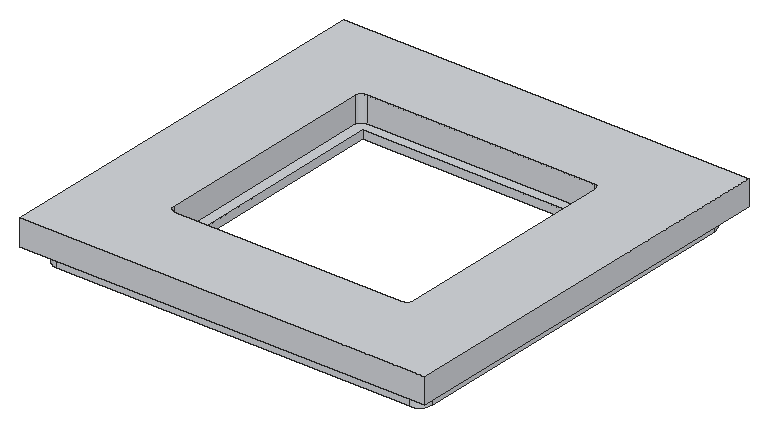
Revit family "Gira_0211126", category Electrical Fixtures, host Face, Revit 2017
Family settings
  Host = Face
  Maintain Annotation Orientation = No
  Round Connector Dimension = Use Diameter
  Part Type = Normal
  Cut with Voids When Loaded = No
  Shared = No
  Room Calculation Point = No
Parameters (values of type "Abdeckrahmen 1f Gira Esprit Alum.Schwarz")
  Werkstoffgüte = "aluminium"
  Werkstoff = "Metall"
  URL = "http://katalog.gira.de/de_DE/datenblatt.html?artikelnr=0211126"
  Transparent = "No"
  Textfeld/Beschriftungsfläche = "No"
  Schutzart (IP) = "IP20"
  Region = "DE"
  Oberfläche = "sonstige"
  Name = "Abdeckrahmen 1f Gira Esprit Alum.Schwarz"
  Montagerichtung = "horizontal und vertikal"
  Mit Montagerahmen = "No"
  Mit Klappdeckel = "No"
  Manufacturer URL = "https://www.gira.de/"
  Keynote = "Espr._Rahmen_1fach"
  HeinzeBIM = "https://bimportal.heinze.de/bim/abdeckrahmen-1f-gira-esprit-alum-schwarz/c77543a901fb8c2add196253591d0313a1ab8cd4"
  Halogenfrei = "No"
  HAN = "0211126"
  Geeignet für Unterputz-Installation = "Yes"
  Geeignet für Unterflurkanaldose = "No"
  Geeignet für Geräteeinbaukanal = "No"
  Geeignet für Einbauinstallation = "No"
  GTIN = "4010337109013"
  Farbe = "schwarz"
  Default Elevation = 1219.2 mm
  Data sheet (1) = "https://katalog.gira.de/de_DE/download.html?artikelnr=0211126"
  Category = "Abdeckrahmen"
  Befestigungsart = "Klemmbefestigung"
  Available = "Yes"
  Anzahl der Einheiten vertikal = "1 "
  Anzahl der Einheiten horizontal = "1 "
  Anzahl der Einheiten = "1 "
Reference planes
  plane 1 "Center (Front/Back)": y = 0
  plane 2: z = 0
  plane 3 "Center (Left/Right)": x = 0
Forms (mm)
  Extrusion 1, solid, detail levels fine
    sketch origin (0, 0, 0) x (1, 0, 0) y (0, 1, 0)
      loop
        line (-47.5, 47.5) -> (-47.5, -47.5) -> (47.5, -47.5) -> (47.5, 47.5) -> (-47.5, 47.5)
      loop
        arc (-28.2, -26.7) -> (-27.761, -27.761) -> (-26.7, -28.2) r 1.5
        line (-26.7, -28.2) -> (26.7, -28.2)
        arc (26.7, -28.2) -> (27.761, -27.761) -> (28.2, -26.7) r 1.5
        line (28.2, -26.7) -> (28.2, 26.7)
        arc (28.2, 26.7) -> (27.761, 27.761) -> (26.7, 28.2) r 1.5
        line (26.7, 28.2) -> (-26.7, 28.2)
        arc (-26.7, 28.2) -> (-27.761, 27.761) -> (-28.2, 26.7) r 1.5
        line (-28.2, 26.7) -> (-28.2, -26.7)
    from 0 to 6
  Extrusion 2, solid, detail levels fine
    sketch origin (0, 0, 0) x (1, 0, 0) y (0, 1, 0)
      loop
        line (-25.7, -25.7) -> (25.7, -25.7) -> (25.7, 25.7) -> (-25.7, 25.7) -> (-25.7, -25.7)
      loop
        arc (-43.1, -41.3) -> (-42.573, -42.573) -> (-41.3, -43.1) r 1.8
        line (-41.3, -43.1) -> (41.3, -43.1)
        arc (41.3, -43.1) -> (42.573, -42.573) -> (43.1, -41.3) r 1.8
        line (43.1, -41.3) -> (43.1, 41.3)
        arc (43.1, 41.3) -> (42.573, 42.573) -> (41.3, 43.1) r 1.8
        line (41.3, 43.1) -> (-41.3, 43.1)
        arc (-41.3, 43.1) -> (-42.573, 42.573) -> (-43.1, 41.3) r 1.8
        line (-43.1, 41.3) -> (-43.1, -41.3)
    from -1.9 to 0
  Extrusion 3, solid, detail levels fine
    sketch origin (0, 0, 0) x (1, 0, 0) y (0, 1, 0)
      loop
        arc (-41.4, 44.4) -> (-43.521, 43.521) -> (-44.4, 41.4) r 3
        line (-44.4, 41.4) -> (-44.4, -41.4)
        arc (-44.4, -41.4) -> (-43.521, -43.521) -> (-41.4, -44.4) r 3
        line (-41.4, -44.4) -> (41.4, -44.4)
        arc (41.4, -44.4) -> (43.521, -43.521) -> (44.4, -41.4) r 3
        line (44.4, -41.4) -> (44.4, 41.4)
        arc (44.4, 41.4) -> (43.521, 43.521) -> (41.4, 44.4) r 3
        line (41.4, 44.4) -> (-41.4, 44.4)
      loop
        line (-43.1, 41.3) -> (-43.1, -41.3)
        arc (-43.1, -41.3) -> (-42.573, -42.573) -> (-41.3, -43.1) r 1.8
        line (-41.3, -43.1) -> (41.3, -43.1)
        arc (41.3, -43.1) -> (42.573, -42.573) -> (43.1, -41.3) r 1.8
        line (43.1, -41.3) -> (43.1, 41.3)
        arc (43.1, 41.3) -> (42.573, 42.573) -> (41.3, 43.1) r 1.8
        line (41.3, 43.1) -> (-41.3, 43.1)
        arc (-41.3, 43.1) -> (-42.573, 42.573) -> (-43.1, 41.3) r 1.8
    from -3.7 to 0
  Extrusion 4, solid, detail levels medium
    sketch origin (0, 0, 0) x (1, 0, 0) y (0, 1, 0)
      loop
        line (-47.5, 47.5) -> (-47.5, -47.5) -> (47.5, -47.5) -> (47.5, 47.5) -> (-47.5, 47.5)
    from 0 to 6
  Extrusion 5, solid, detail levels medium
    sketch origin (0, 0, 0) x (1, 0, 0) y (0, 1, 0)
      loop
        line (-44.4, 44.4) -> (-44.4, -44.4) -> (44.4, -44.4) -> (44.4, 44.4) -> (-44.4, 44.4)
    from -3.7 to 0
  Extrusion 6, solid, detail levels coarse
    sketch origin (0, 0, 0) x (1, 0, 0) y (0, 1, 0)
      loop
        line (-47.5, 47.5) -> (-47.5, -47.5) -> (47.5, -47.5) -> (47.5, 47.5) -> (-47.5, 47.5)
    from -3.7 to 6
Dimensions and locks
  aligned and locked: plane 2 to host face
  aligned and locked: level to host face
